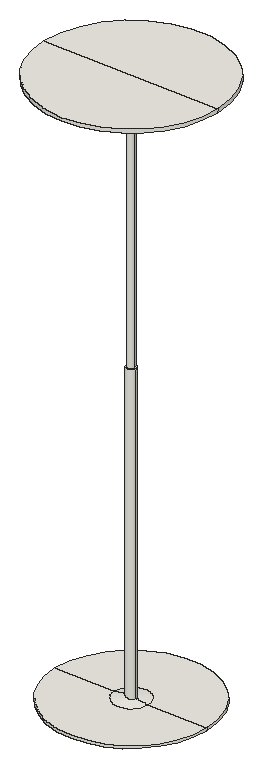
Revit family "Haworth_Circa_Light", category Lighting Fixtures, Revit 2018
Family settings
  Round Connector Dimension = Use Diameter
  Part Type = Normal
  OmniClass Number = 23.80.70.11.14
  OmniClass Title = General Luminaries, Directional
  Work Plane-Based = No
  Always vertical = Yes
  Cut with Voids When Loaded = No
  Light Source = Yes
  Shared = No
  Room Calculation Point = No
Parameters (values of type "LRF0-5208 - Floor Light without Pedestal")
  with Pedestal = no
  Wattage Comments = "9-11W 120V 60Hz"  # constant formula
  Wattage = 11 W
  Warranty = "http://www.haworth.com/resources/product-info/warranties"
  built-in parameter 1150110 = 1 (stored number, unit not read)
  URL - Product = "https://www.haworth.com/products/lighting/table/circa"
  URL = "http://www.haworth.com/our-brands/haworth-collection"
  Trim Finish [instance] = Haworth _ Paint _ Collection White
  built-in parameter 1114217 = 1 (stored number, unit not read)
  Top Rod Length = if(Floor Lamp, 23 3/4", 14")  # 23 3/4"
  Tilt Angle = 60.00°
  built-in parameter 1150109 = 1 (stored number, unit not read)
  built-in parameter 1150134 = (empty or 0)
  built-in parameter 1150113 = 1 (stored number, unit not read)
  Size = "Verify Final Dim. w/ Haworth"  # constant formula
  Revision Number = "1"  # constant formula
  Photometric Web File = "generic"
  Pedestal Finish = Haworth _ Metal _ Stainless Steel
  Pedestal Control = and(with Pedestal, Floor Lamp)  # no
  built-in parameter 1150142 = (empty or 0)
  Model = "LRF0-5208"
  built-in parameter 1150105 = 40.266 (stored number, unit not read)
  Lumens = 506 lm
  built-in parameter 1150115 = 1 (stored number, unit not read)
  built-in parameter 1150137 = (empty or 0)
  built-in parameter 1150139 = (empty or 0)
  built-in parameter 1150112 = 1 (stored number, unit not read)
  Lamp Radius = if(Floor Lamp, 8", 6")  # 8"
  built-in parameter 1150114 = 1 (stored number, unit not read)
  built-in parameter 1150132 = (empty or 0)
  built-in parameter 1150102 = (empty or 0)
  built-in parameter 1150107 = 2700 (stored number, unit not read)
  built-in parameter 1150138 = (empty or 0)
  built-in parameter 1150106 = 0.40266 (stored number, unit not read)
  Height = if(Floor Lamp, "52 in.", "14 in.")  # "52 in."
  Manufacturer = "Haworth"  # constant formula
  Grommet Mount = no
  Floor Lamp = not(or(Grommet Mount, Desk Lamp))  # yes
  Emit from Circle Diameter = 12"  # constant formula
  Emit Shape Visible in Rendering = no
  built-in parameter 1150104 = 4.2735 (stored number, unit not read)
  Dimming Lamp Color Temperature Shift = <None>
  Desk Lamp = no
  Description = "Haworth Circa Floor Light without Pedestal"
  Color Filter = 16777215
  Base Thickness Offset = if(Floor Lamp, 25/64", 0")  # 25/64"
  Base Radius = if(Floor Lamp, 7", 5")  # 7"
  Base Offset [instance] = 29"
  Base = or(Floor Lamp, Desk Lamp)  # yes
  built-in parameter 1114218 = 1 (stored number, unit not read)
  Author = "Haworth (Alias)"  # constant formula
  built-in parameter 1150133 = 10 (stored number, unit not read)
  Assembly Code = "D5020200"
  Actual Width = if(Floor Lamp, 16", 12")  # 16"
  Actual Height = if(Floor Lamp, 52", 14")  # 52"
  Actual Depth = Actual Width  # 16"
Types (4): name | with Pedestal | Wattage | Top Rod Length | Tilt Angle | Pedestal Control | Model | built-in parameter 1150105 | Lumens | Lamp Radius | built-in parameter 1150106 | Height | Grommet Mount | Floor Lamp | built-in parameter 1150104 | Desk Lamp | Description | Base Thickness Offset | Base Radius | Base | Actual Width | Actual Height | Actual Depth
  LRF1-5208 - Floor Light with Pedestal | yes | 11 W | 23 3/4" | 90.00° | yes | "LRF1-5208" | 40.266 (stored number, unit not read) | 506 lm | 8" | 0.40266 (stored number, unit not read) | "52 in." | no | yes | 4.2735 (stored number, unit not read) | no | "Haworth Circa Floor Light with Pedestal" | 25/64" | 7" | yes | 16" | 52" | 16"
  LRT1-1408 - Grommet Mounted Light | no | 9 W | 14" | 60.00° | no | "LRT1-1408-G" | 33.661 (stored number, unit not read) | 423 lm | 6" | 0.33661 (stored number, unit not read) | "14 in." | yes | no | 4.3664 (stored number, unit not read) | no | "Haworth Circa Grommet Mounted Light" | 0" | 5" | no | 12" | 14" | 12"
  LRT1-1408 - Table Light | no | 9 W | 14" | 60.00° | no | "LRT1-1408" | 33.661 (stored number, unit not read) | 423 lm | 6" | 0.33661 (stored number, unit not read) | "14 in." | no | no | 4.3664 (stored number, unit not read) | yes | "Haworth Circa Table Light" | 0" | 5" | yes | 12" | 14" | 12"
  LRF0-5208 - Floor Light without Pedestal | no | 11 W | 23 3/4" | 60.00° | no | "LRF0-5208" | 40.266 (stored number, unit not read) | 506 lm | 8" | 0.40266 (stored number, unit not read) | "52 in." | no | yes | 4.2735 (stored number, unit not read) | no | "Haworth Circa Floor Light without Pedestal" | 25/64" | 7" | yes | 16" | 52" | 16"
Reference planes (in)
  plane 1 "Center F/B": y = 8.82887
  plane 2 "Base": z = 29
  plane 3 "Center L/R": x = 1.15861
  plane 4 "Lamp Height": z = 81
  plane 5 "Right": x = 9.15861
  plane 6 "Left": x = -6.84139
  plane 7 "Back": y = 16.82887
  plane 8 "Front": y = 0.82887
  plane 9 "Base Top": z = 29.62622
  plane 10 "Base Middle": z = 29.39
  plane 11 "Glide Center": y = 3.13242
  plane 12 "Glider 2": through (154.54638, 462.47379, 29.88135) normal (-0.9511, 0.309, 0)
  plane 13 "Glider 3": through (-382.88393, 294.8933, 29.88135) normal (-0.5878, -0.809, 0)
  plane 14 "Glider 4": through (385.20114, 294.8933, 29.88135) normal (-0.5878, 0.809, 0)
  plane 15 "Middle Rod": z = 56.89094
  plane 16 "Lamp Bottom": z = 80.75
  plane 17 "Pedestal": z = 51.94104
  plane 18 "Light Source": z = 80.25
  plane 19 "Glider 5": through (-152.22916, 462.47379, 29.88135) normal (-0.9511, -0.309, 0)
Forms (in)
  Revolve 1, solid, material "Haworth _ Paint _ Collection White" <- "Trim Finish", visible <- "Base"
    sketch origin (0, 8.82887, 0) x (1, 0, 0) y (0, 0, 1)
      loop
        line (1.15861, 29.39063) -> (8.15861, 29.39063) -> (8.15861, 29.62622) -> (2.72605, 29.62622) -> (1.57383, 29.80401) -> (1.15861, 29.80401) -> (1.15861, 29.39063)
      axis (1.15861, 29.80401) -> (1.15861, 29.39063)
    angle from 0 to 360
  Revolve 2, solid, material "Haworth _ Paint _ Collection White" <- "Trim Finish"
    sketch origin (0, 8.82887, 0) x (1, 0, 0) y (0, 0, 1)
      loop
        line (1.15861, 80.75) -> (1.15861, 57) -> (1.45857, 57) -> (1.45857, 80.75) -> (1.15861, 80.75)
      axis (1.15861, 80.75) -> (1.15861, 57)
    angle from 0 to 360
  Revolve 3, solid, material "Haworth _ Paint _ Collection White" <- "Trim Finish", visible <- "Floor Lamp"
    sketch origin (0, 8.82887, 0) x (1, 0, 0) y (0, 0, 1)
      loop
        line (1.15861, 56.89094) -> (1.15861, 29.39) -> (1.59361, 29.39) -> (1.59361, 56.89094) -> (1.15861, 56.89094)
      axis (1.15861, 56.89094) -> (1.15861, 29.39)
    angle from 0 to 360
  Revolve 4, solid, material "Haworth _ Metal _ Brushed Aluminum", visible <- "Floor Lamp"
    sketch origin (1.15861, 0, 0) x (0, 1, 0) y (0, 0, 1)
      loop
        line (2.71869, 29.39) -> (2.78746, 29) -> (3.13242, 29) -> (3.13242, 29.39) -> (2.71869, 29.39)
      axis (3.13242, 29) -> (3.13242, 29.39)
    angle from 0 to 360
  Revolve 5, solid, material "Haworth _ Metal _ Brushed Aluminum", visible <- "Floor Lamp"
    sketch origin (9.55536, 6.1006, 0) x (-0.951057, 0.309017, 0) y (0, 0, 1)
      loop
        line (2.71869, 29.39) -> (2.78746, 29) -> (3.13242, 29) -> (3.13242, 29.39) -> (2.71869, 29.39)
      axis (3.13242, 29) -> (3.13242, 29.39)
    angle from 0 to 360
  Revolve 6, solid, material "Haworth _ Metal _ Brushed Aluminum", visible <- "Floor Lamp"
    sketch origin (6.34808, 15.97157, 0) x (-0.587785, -0.809017, 0) y (0, 0, 1)
      loop
        line (2.71869, 29.39) -> (2.78746, 29) -> (3.13242, 29) -> (3.13242, 29.39) -> (2.71869, 29.39)
      axis (3.13242, 29) -> (3.13242, 29.39)
    angle from 0 to 360
  Revolve 7, solid, material "Haworth _ Metal _ Brushed Aluminum", visible <- "Floor Lamp"
    sketch origin (-4.03087, 15.97157, 0) x (0.587785, -0.809017, 0) y (0, 0, -1)
      loop
        line (2.71869, -29.39) -> (3.13242, -29.39) -> (3.13242, -29) -> (2.78746, -29) -> (2.71869, -29.39)
      axis (3.13242, -29) -> (3.13242, -29.39)
    angle from 0 to 360
  Revolve 8, solid, material "Haworth _ Paint _ Collection White" <- "Trim Finish"
    sketch origin (0, 8.82887, 0) x (1, 0, 0) y (0, 0, 1)
      loop
        line (1.45857, 80.41535) -> (3.40861, 80.63986) -> (3.40861, 80.68907) -> (9.15861, 80.68907) -> (9.15861, 81) -> (1.15861, 81) -> (1.15861, 80.41535) -> (1.45857, 80.41535)
      axis (1.15861, 81) -> (1.15861, 80.41535)
    angle from 0 to 360
  Revolve 9, solid, material "Haworth _ Glass _ Clear"
    sketch origin (0, 8.82887, 0) x (1, 0, 0) y (0, 0, 1)
      loop
        line (9.15861, 80.68907) -> (3.40861, 80.68907) -> (3.40861, 80.63986) -> (9.15861, 80.63986) -> (9.15861, 80.68907)
      axis (1.15861, 80.68907) -> (1.15861, 80.63986)
    angle from 0 to 360
  Revolve 10, solid, material "Haworth _ Metal _ Brushed Aluminum", visible <- "Floor Lamp"
    sketch origin (-7.23814, 6.1006, 0) x (0.951057, 0.309017, 0) y (0, 0, -1)
      loop
        line (2.71869, -29.39) -> (3.13242, -29.39) -> (3.13242, -29) -> (2.78746, -29) -> (2.71869, -29.39)
      axis (3.13242, -29) -> (3.13242, -29.39)
    angle from 0 to 360
Lines and regions (in)
  Masking region 1
    outline origin (0, 0, 29) x (1, 0, 0) y (0, 1, 0)
      loop
        circle (1.15861, 8.82887) r 8
  symbolic lines, style "LightingFixturesHiddenLines"
    curve 1: circle (1.15861, 8.82887, 0) r 2.25 normal (0, 0, 1)
Dimensions and locks (in)
  "Actual Height": plane 4 "Lamp Height" to plane 2 "Base"
  "Base Offset": plane 2 "Base" to level
  "Actual Depth": plane 7 "Back" to plane 8 "Front"
  "Actual Width": plane 6 "Left" to plane 5 "Right"
  locked: plane 9 "Base Top" to plane 10 "Base Middle" at 0.23622
  locked: plane 10 "Base Middle" to plane 2 "Base" at 0.39
  "Base Radius": Revolve 1 sketch curve to plane 3 "Center L/R"
  "Base Thickness Offset": Revolve 1 sketch curve to plane 2 "Base"
  locked: Revolve 2 sketch curve to Revolve 2 sketch curve at 0.29996
  "Top Rod Length": plane 16 "Lamp Bottom" to Revolve 2 sketch curve
  locked: Revolve 8 sketch curve to Revolve 8 sketch curve at 0.58465
  locked: Revolve 8 sketch curve to Revolve 8 sketch curve at 0.31093
  locked: Revolve 8 to Revolve 9 sketch curve at 0.04921
  locked: plane 15 "Middle Rod" to plane 9 "Base Top" at 27.26472
  locked: Revolve 1 sketch curve to plane 2 "Base" at 0.80401
  equal spacing: plane 6 "Left", plane 3 "Center L/R", plane 5 "Right"
  equal spacing: plane 7 "Back", plane 1 "Center F/B", plane 8 "Front"
  locked: plane 17 "Pedestal" to plane 2 "Base" at 22.94104
  locked: plane 4 "Lamp Height" to plane 16 "Lamp Bottom" at 0.25
  locked: plane 16 "Lamp Bottom" to plane 18 "Light Source" at 0.5
  locked: Revolve 8 sketch curve to Revolve 8 sketch curve at 2.25
  locked: Revolve 9 sketch curve to plane 3 "Center L/R" at 2.25
  "Lamp Radius": radius of Masking region 1 sketch curve
  aligned and locked: Revolve 4 sketch curve to plane 10 "Base Middle"
  aligned and locked: Revolve 4 sketch curve to plane 2 "Base"
  aligned and locked: plane 11 "Glide Center" to Revolve 4 sketch curve  (x2)
  aligned and locked: plane 12 "Glider 2" to Revolve 5 sketch curve  (x2)
  aligned and locked: plane 13 "Glider 3" to Revolve 6 sketch curve  (x2)
  aligned and locked: plane 14 "Glider 4" to Revolve 7 sketch curve  (x2)
  aligned and locked: Revolve 5 sketch curve to plane 2 "Base"
  aligned and locked: Revolve 5 sketch curve to plane 10 "Base Middle"
  aligned and locked: plane 2 "Base" to Revolve 7 sketch curve
  aligned and locked: plane 10 "Base Middle" to Revolve 7 sketch curve
  aligned and locked: plane 2 "Base" to Revolve 6 sketch curve
  aligned and locked: plane 10 "Base Middle" to Revolve 6 sketch curve
  aligned and locked: plane 10 "Base Middle" to Revolve 3 sketch curve
  aligned and locked: Revolve 3 sketch curve to plane 15 "Middle Rod"
  aligned and locked: Revolve 2 sketch curve to plane 16 "Lamp Bottom"
  aligned and locked: plane 3 "Center L/R" to Revolve 8 sketch curve
  aligned and locked: Revolve 8 sketch curve to plane 5 "Right"
  aligned and locked: plane 4 "Lamp Height" to Revolve 8 sketch curve
  aligned and locked: Revolve 8 sketch curve to plane 3 "Center L/R"
  aligned and locked: Revolve 9 sketch curve to plane 3 "Center L/R"
  aligned and locked: nested 1 to plane 3 "Center L/R"
  aligned and locked: nested 1 to plane 1 "Center F/B"
  aligned and locked: plane 17 "Pedestal" to nested 1
  aligned and locked: plane 3 "Center L/R" to imposter light
  aligned and locked: imposter light to plane 1 "Center F/B"
  aligned and locked: imposter light to plane 18 "Light Source"
  aligned and locked: plane 3 "Center L/R" to Masking region 1 sketch curve
  aligned and locked: plane 1 "Center F/B" to Masking region 1 sketch curve
  aligned and locked: plane 1 "Center F/B" to curve 1
  aligned and locked: plane 3 "Center L/R" to curve 1
  aligned and locked: Revolve 9 sketch curve to plane 5 "Right"
  aligned and locked: plane 19 "Glider 5" to Revolve 10 sketch curve  (x2)
  aligned and locked: Revolve 10 sketch curve to plane 2 "Base"
  aligned and locked: Revolve 10 sketch curve to plane 10 "Base Middle"
Automatic sketch dimensions
  Revolve 1 sketch curve to plane 3 "Center L/R" = 0"  (x2)
  Revolve 1 sketch curve to plane 9 "Base Top" = 0"
  plane 3 "Center L/R" to Revolve 1 sketch curve = 0.41522"
  Revolve 1 sketch curve to Revolve 1 sketch curve = 1.15222"
  Revolve 1 sketch curve to level = 2.141"
  Revolve 1 sketch curve to Revolve 1 sketch curve = 1.55561"
  Revolve 2 sketch curve to plane 3 "Center L/R" = 0"  (x2)
  Revolve 2 sketch curve to level = 3 1/8"
  Revolve 2 sketch curve to plane 4 "Lamp Height" = 4 3/8"
  Revolve 3 sketch curve to plane 3 "Center L/R" = 0"  (x2)
  plane 3 "Center L/R" to Revolve 3 sketch curve = 0.435"
  Revolve 3 sketch curve to level = 3 1/8"
  Revolve 3 sketch curve to plane 4 "Lamp Height" = 4 3/8"
  Revolve 4 sketch curve to plane 11 "Glide Center" = 0.34497"
  Revolve 4 sketch curve to Revolve 4 sketch curve = 0.06877"
  Revolve 4 sketch curve to Revolve 4 sketch curve = 0.31674"
  Revolve 4 sketch curve to plane 9 "Base Top" = 0.25513"
  Revolve 5 sketch curve to plane 12 "Glider 2" = 0.34497"
  Revolve 5 sketch curve to Revolve 5 sketch curve = 0.06877"
  Revolve 5 sketch curve to Revolve 5 sketch curve = 0.31674"
  Revolve 5 sketch curve to plane 9 "Base Top" = 0.25513"
  Revolve 6 sketch curve to plane 13 "Glider 3" = 0.34497"
  Revolve 6 sketch curve to Revolve 6 sketch curve = 0.06877"
  Revolve 6 sketch curve to Revolve 6 sketch curve = 0.31674"
  Revolve 6 sketch curve to plane 9 "Base Top" = 0.25513"
  Revolve 7 sketch curve to plane 14 "Glider 4" = 0.34497"
  Revolve 7 sketch curve to Revolve 7 sketch curve = 0.06877"
  Revolve 7 sketch curve to plane 9 "Base Top" = 0.25513"
  Revolve 7 sketch curve to Revolve 7 sketch curve = 0.31674"
  plane 3 "Center L/R" to Revolve 8 sketch curve = 0.29996"
  Revolve 8 sketch curve to Revolve 8 sketch curve = 0.04921"
  plane 18 "Light Source" to Revolve 8 sketch curve = 2 1/2"
  Revolve 8 sketch curve to Revolve 8 sketch curve = 2 1/4"
  Revolve 9 sketch curve to Revolve 9 sketch curve = 0.04921"
  plane 18 "Light Source" to Revolve 9 sketch curve = 1.31093"
  Revolve 9 sketch curve to plane 4 "Lamp Height" = 1.43907"
  Revolve 10 sketch curve to Revolve 10 sketch curve = 0.34497"
  Revolve 10 sketch curve to Revolve 10 sketch curve = 0.06877"
  Revolve 10 sketch curve to plane 9 "Base Top" = 0.25513"
  Revolve 10 sketch curve to Revolve 10 sketch curve = 0.31674"
  radius of curve 1 = 2 1/4"
Nested families (in)
  nested 1: "Haworth_Circa_Pedestal_Part" at (-5.84139, -1.67113, 47.22018), visible <- "Pedestal Control", type "Standard"
Definition of nested family "Haworth_Circa_Pedestal_Part"
  Parameters (values of type "Standard")
    URL - Product = "https://www.haworth.com/products/lighting/table/circa"
    URL = "http://www.haworth.com/our-brands/haworth-collection"
    Size = "Verify Final Dim. w/ Haworth"  # constant formula
    Revision Number = "1"  # constant formula
    Pedestal Finish = none
    Model = "Haworth Circa"  # constant formula
    Manufacturer = "Haworth"  # constant formula
    Description = "Haworth Circa Pedestal Part"
    Author = "Haworth (Alias)"  # constant formula
    Assembly Code = "E2020200"
  Reference planes (in)
    plane 1: z = 0
    plane 2 "Center L/R": x = 7
    plane 3 "Middle": z = 4.51774
    plane 4 "Center (F/B)": y = 10.5
    plane 5 "Top": z = 4.72086
    plane 6 "vOID": through (480, 5.6009, 0.26412) normal (0, -0.515, -0.8572)
  Forms (in)
    Revolve 1, solid, material <- "Pedestal Finish"
      sketch origin (0, 10.5, 0) x (-1, 0, 0) y (0, 0, 1)
        loop
          line (-7.44032, 4.59361) -> (-7.49637, 4.53336) -> (-7.49637, 3.61618) -> (-7, 3.61618) -> (-7, 4.59361) -> (-7.44032, 4.59361)
        axis (-7, 3.61618) -> (-7, 4.59361)
      angle from 0 to 360
    Extrusion 2, solid, material <- "Pedestal Finish"
      sketch origin (7, 0, 0) x (0, -1, 0) y (0, 0, 1)
        loop
          arc (-14.21875, 4.72086) -> (-14.24085, 4.71171) -> (-14.25, 4.68961) r 0.03125
          line (-14.25, 4.68961) -> (-14.25, 4.54899)
          arc (-14.25, 4.54899) -> (-14.24085, 4.52689) -> (-14.21875, 4.51774) r 0.03125
          line (-14.21875, 4.51774) -> (-8.94402, 4.51774) -> (-8.84778, 4.46217) -> (-6.35227, 0.1283)
          arc (-6.35227, 0.1283) -> (-6.18873, 0.00373) -> (-5.98527, 0.03317) r 0.26563
          line (-5.98527, 0.03317) -> (-5.16451, 0.52633) -> (-5.26589, 0.70238) -> (-6.08989, 0.20728)
          arc (-6.08989, 0.20728) -> (-6.13776, 0.20035) -> (-6.17624, 0.22966) r 0.0625
          line (-6.17624, 0.22966) -> (-8.69897, 4.61081) -> (-8.88959, 4.72086) -> (-14.21875, 4.72086)
      from -0.49301 to -7.43609
    Extrusion 3, solid, material <- "Pedestal Finish"
      sketch origin (0, 0, 0) x (1, 0, 0) y (0, 1, 0)
        loop
          arc (11.69241, 11.66811) -> (11.80024, 11.90362) -> (11.57028, 12.02281) r 0.18779
          line (11.57028, 12.02281) -> (7.38834, 10.80759)
          arc (7.38834, 10.80759) -> (7.47677, 10.63804) -> (7.49301, 10.4475) r 0.48643
          line (7.49301, 10.4475) -> (11.69241, 11.66811)
      from 3.67523 to 4.51774
    Extrusion 4, void
      sketch origin (0, 0, 0) x (1, 0, 0) y (0, 1, 0)
        loop
          line (13.19938, 14.00242) -> (8.85148, 12.75568)
          arc (8.85148, 12.75568) -> (8.51638, 12.53345) -> (8.37003, 12.15894) r 0.66667
          line (8.37003, 12.15894) -> (7.93528, 5.60091)
          arc (7.93528, 5.60091) -> (8.08257, 5.16595) -> (8.49428, 4.96254) r 0.6
          line (8.49428, 4.96254) -> (12.78486, 4.6781)
          arc (12.78486, 4.6781) -> (13.21982, 4.82539) -> (13.42324, 5.2371) r 0.6
          line (13.42324, 5.2371) -> (13.96344, 13.38598)
          arc (13.96344, 13.38598) -> (13.74151, 13.89264) -> (13.19938, 14.00242) r 0.6
        loop
          line (7, 15.25) -> (7, 3.75) -> (16, 3.75) -> (16, 15.25) -> (7, 15.25)
      from -1.6384 to 9.29791
    Extrusion 5, void
      sketch origin (0, 1.60232, 2.66671) x (0, 0.857167, -0.515038) y (1, 0, 0)
        loop
          arc (4.626, 10.29803) -> (4.77472, 10.15154) -> (4.92122, 10.30026) r 0.14761
          line (4.92122, 10.30026) -> (4.91893, 10.60377) -> (5.00565, 10.60443)
          arc (5.00565, 10.60443) -> (5.09126, 10.70125) -> (5.00602, 10.7984) r 0.09777
          line (5.00602, 10.7984) -> (4.92453, 10.79672) -> (4.91828, 11.1005)
          arc (4.91828, 11.1005) -> (4.77098, 11.24416) -> (4.61991, 11.10447) r 0.14939
          line (4.61991, 11.10447) -> (4.626, 10.29803)
        loop
          arc (4.11329, 13.22) -> (4.18157, 13.39169) -> (4.34911, 13.46959) r 0.25
          line (4.34911, 13.46959) -> (4.93958, 13.50315) -> (4.93958, 14.2177) -> (3.36329, 14.2177) -> (3.36329, 7.2177) -> (5.11329, 7.2177) -> (5.11329, 7.94481) -> (4.57677, 7.91433)
          arc (4.57677, 7.91433) -> (4.24437, 8.1082) -> (4.11329, 8.47) r 0.56484
          line (4.11329, 8.47) -> (4.11329, 13.22)
      from -0.68035 to 12
  Cuts and joins
    Extrusion 4, Extrusion 5 cuts Extrusion 2
  Lines and regions (in)
    Masking region 1
      outline origin (0, 0, 0) x (1, 0, 0) y (0, 1, 0)
        loop
          arc (7.38834, 10.80759) -> (6.52344, 10.36094) -> (7.49301, 10.4475) r 0.496
          line (7.49301, 10.4475) -> (8.27157, 10.6738) -> (7.93398, 5.56421)
          arc (7.93398, 5.56421) -> (8.0167, 5.30183) -> (8.25509, 5.16451) r 0.37903
          line (8.25509, 5.16451) -> (13.18445, 5.16451)
          arc (13.18445, 5.16451) -> (13.35528, 5.23198) -> (13.4339, 5.39798) r 0.25
          line (13.4339, 5.39798) -> (13.96344, 13.38598)
          arc (13.96344, 13.38598) -> (13.74151, 13.89264) -> (13.19938, 14.00242) r 0.6
          line (13.19938, 14.00242) -> (8.90778, 12.77183)
          arc (8.90778, 12.77183) -> (8.5308, 12.52182) -> (8.36615, 12.10049) r 0.75
          line (8.36615, 12.10049) -> (8.29797, 11.07199) -> (7.38834, 10.80759)
    symbolic lines
      curve 1: line (8.36615, 12.10049, 0) -> (8.29797, 11.07199, 0)
      curve 2: line (8.29797, 11.07199, 0) -> (7.38834, 10.80759, 0)
      curve 3: arc (7.38834, 10.80759, 0) -> (6.52344, 10.36094, 0) -> (7.49301, 10.4475, 0) r 0.496
      curve 4: line (7.49301, 10.4475, 0) -> (8.27157, 10.6738, 0)
      curve 5: line (8.27157, 10.6738, 0) -> (7.93398, 5.56421, 0)
      curve 6: arc (7.93398, 5.56421, 0) -> (8.0167, 5.30183, 0) -> (8.25509, 5.16451, 0) r 0.37903
      curve 7: line (8.25509, 5.16451, 0) -> (13.18445, 5.16451, 0)
      curve 8: arc (13.18445, 5.16451, 0) -> (13.35528, 5.23198, 0) -> (13.4339, 5.39798, 0) r 0.25
      curve 9: line (13.4339, 5.39798, 0) -> (13.96344, 13.38598, 0)
      curve 10: arc (13.96344, 13.38598, 0) -> (13.74151, 13.89264, 0) -> (13.19938, 14.00242, 0) r 0.6
      curve 11: arc (8.90778, 12.77183, 0) -> (8.5308, 12.52182, 0) -> (8.36615, 12.10049, 0) r 0.75
  Dimensions and locks (in)
    locked: plane 5 "Top" to Revolve 1 sketch curve at 0.12725
    locked: plane 5 "Top" to Revolve 1 sketch curve at 1.10468
    locked: Revolve 1 sketch curve to Revolve 1 sketch curve at 0.49637
